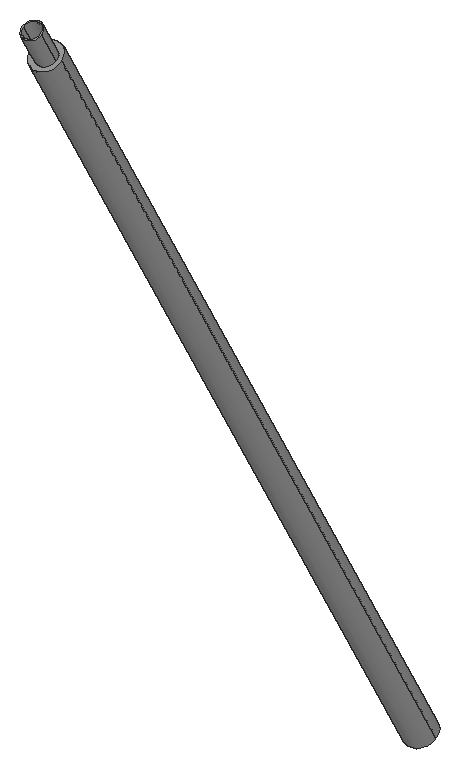
Revit family "FON-CA-O-MicropaloIncl", category Pilastri strutturali, Revit 2021
Family settings
  Forma sezione = Non definito
  Materiale per comportamento modello = Altro
  Esporta sempre come geometria = No
  Taglio trave in pianta = Da riquadro di delimitazione
  Basato su piano di lavoro = No
  Taglio con vuoti quando caricato = No
  Rappresentazione simbolica = Da famiglia
  Condiviso = No
  Mostra pretaglio famiglia in viste di pianta = Sì
Parameters
  Volume Malta = Lunghezza Micropalo * ((3.14 * Diametro Perforazione * Diametro Perforazione) / 4)  # 0.424528 m³
  Volume Acciaio S355 = (Lunghezza Micropalo + Lunghezza Ancoraggio) * (((3.14 * Diametro Armatura * Diametro Armatura) / 4) - ((3.14 * Diametro Interno Armatura * Diametro Interno Armatura) / 4))  # 0.0412561 m³
  Spessore Armatura = (Diametro Armatura - Diametro Interno Armatura) / 2  # 10 mm
  Rotazione Assi = 30.00°
  Prospetto di default = 0 mm
  Lunghezza Micropalo = 8000 mm
  Lunghezza Ancoraggio = 300 mm
  Diametro Perforazione = 260 mm
  Diametro Interno Armatura = 148.3 mm
  Diametro Armatura = 168.3 mm
  Calcestruzzo = Malta
  Acciaio S355 = Acciaio S355
Reference planes
  plane 1 "Center (Front/Back)": y = 0
  plane 2: z = 0
  plane 3 "Center (Left/Right)": x = 0
Lines and regions (mm)
  reference lines
    curve 1: line (0, 0, 0) -> (0, 1650, -2857.884)
    curve 2: line (0, -2165.064, -1250) -> (0, 0, 0)
Dimensions and locks
  locked: curve 1 to curve 2 (angle 90.00°)
  "Rotazione Assi": angle curve 2 to level
  aligned and locked: level to plane 2
  aligned and locked: level to curve 1
  aligned and locked: plane 1 "Center (Front/Back)" to curve 2
  aligned and locked: plane 1 "Center (Front/Back)" to nested 1
Nested families
  nested 1: "Prova diametro tubo variabile_FDG Da inserire" at (0, 0, 0) x (1, 0, 0) z (0, -0.5, 0.866), Diametro Armatura <- "Diametro Armatura", Diametro Perforazione <- "Diametro Perforazione", Lunghezza Ancoraggio <- "Lunghezza Ancoraggio", Lunghezza Micropalo <- "Lunghezza Micropalo", Diametro Interno Armatura <- "Diametro Interno Armatura", type "Prova diametro tubo variabile_FDG Da inserire"
    with Spessore Armatura 10 mm, Malta Malta, Lunghezza Micropalo 8000 mm, Lunghezza Ancoraggio 300 mm, Diametro Perforazione 260 mm, Diametro Interno Armatura 148.3 mm, Diametro Armatura 168.3 mm, Acciaio S355 Acciaio S355
Definition of nested family "Prova diametro tubo variabile_FDG Da inserire"
  Parameters (values of type "Prova diametro tubo variabile_FDG Da inserire")
    Spessore Armatura [instance] = (Diametro Armatura - Diametro Interno Armatura) / 2  # 10 mm
    Default Elevation = 1219.2 mm
    Malta [instance] = none
    Lunghezza Micropalo [instance] = 8000 mm
    Lunghezza Ancoraggio [instance] = 300 mm
    Diametro Perforazione [instance] = 260 mm
    Diametro Interno Armatura [instance] = 148.3 mm
    Diametro Armatura [instance] = 168.3 mm
    Acciaio S355 [instance] = none
  Reference planes
    plane 1 "Center (Front/Back)": y = 0
    plane 2: z = 0
    plane 3 "Center (Left/Right)": x = 0
    plane 4: z = -8000
    plane 5: z = 300
  Forms (mm)
    Extrusion 1, solid, material <- "Malta"
      sketch origin (0, 0, 0) x (1, 0, 0) y (0, 1, 0)
        loop
          circle (0, 0) r 130
      from 0 to -8000
    Extrusion 2, solid, material <- "Acciaio S355"
      sketch origin (0, 0, 0) x (1, 0, 0) y (0, 1, 0)
        loop
          circle (0, 0) r 84.15
        loop
          circle (0, 0) r 74.15
      from -8000 to 300
  Dimensions and locks
    "Lunghezza Micropalo": level to plane 4
    "Lunghezza Ancoraggio": plane 5 to level
    "Diametro Perforazione": diameter of Extrusion 1 sketch curve
    "Diametro Armatura": diameter of Extrusion 2 sketch curve
    "Diametro Interno Armatura": diameter of Extrusion 2 sketch curve
    aligned and locked: level to plane 2
    aligned and locked: level to Extrusion 1
    aligned and locked: plane 4 to Extrusion 1
    aligned and locked: plane 5 to Extrusion 2
    aligned and locked: plane 4 to Extrusion 2
  Automatic sketch dimensions
    plane 1 "Center (Front/Back)" to Extrusion 1 sketch curve = 0 mm
    Extrusion 1 sketch curve to plane 3 "Center (Left/Right)" = 0 mm
    Extrusion 2 sketch curve to Extrusion 2 sketch curve = 0 mm  (x2)
    plane 1 "Center (Front/Back)" to Extrusion 2 sketch curve = 0 mm
    Extrusion 2 sketch curve to plane 3 "Center (Left/Right)" = 0 mm
